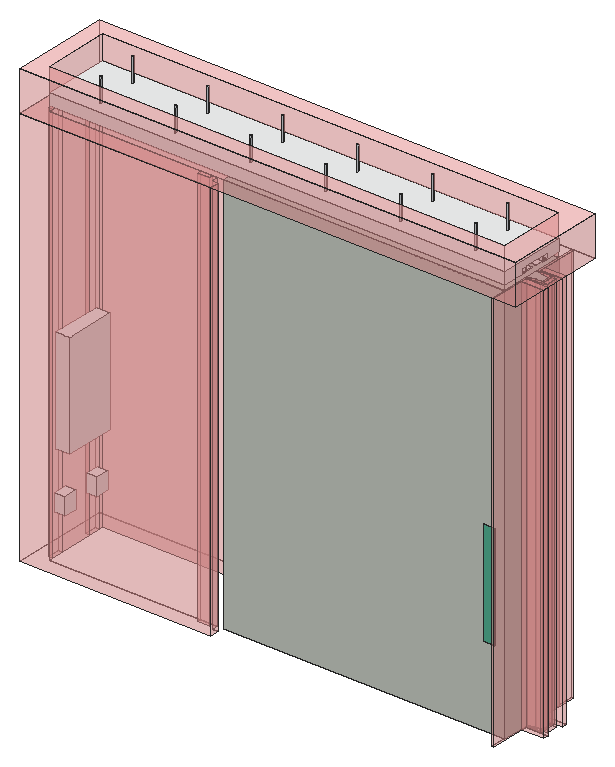
Revit family "Doors-Sliding_WON-DOOR_Fireguard-MFW-Straight_", category Doors, host Wall, Revit 2020
Family settings
  Host = Wall
  OmniClass Number = 23.17.11.31
  Always vertical = Yes
  Cut with Voids When Loaded = No
  Shared = No
  Room Calculation Point = No
Parameters (values of type "60 Minute")
  Width [instance] = if(Clear Opening Width > Max Width, Max Width, if(Clear Opening Width < Min Width, Min Width, Clear Opening Width))  # 7' - 0"
  Wall Construction Clearance ( by other ) [instance] = yes
  Voltage [instance] = 120 V
  Version = 1
  Value Step for Rod [instance] = if(not([Threaded Rods ( by Won - Door )]), Max Step for Threaded Rods, if(Step for Threaded Rods < Min Step for Threaded Rods, Min Step for Threaded Rods, if(Step for Threaded Rods > Max Step for Threaded Rods, Max Step for Threaded Rods, Step for Threaded Rods)))  # 2' - 0"
  URL = "https://www.wondoor.com/"
  Threaded Rods Height [instance] = Real Head Height - 0' 4 255/256"  # 0' - 7 1/256"
  Threaded Rods ( by Won - Door ) [instance] = yes
  Thickness = 1' - 8"  # constant formula
  Step for Threaded Rods [instance] = 2' - 0"
  Stack Depth [instance] = size_lookup(Lookup Table, "Stack Depth", 3' 5", Width Count)  # 4' - 4"
  Rough Width [instance] = Width + Stack Depth + Offset for Stack Depth  # 11' - 8 7/8"
  Rough Height [instance] = Height + Real Head Height  # 11' - 0"
  Real Step for Threaded Rods [instance] = (General Length for Rod - 2' 0") / (Count Rod - 1)  # 1' - 10.4"
  Real Head Height [instance] = if(Head Height < Min Head Height, Min Head Height, Head Height)  # 1' - 0"
  Product data url = "https://www.bimobject.com/hortonautomatics/product/WON-DOOR-fireguard-mfw-moveable-fire-wall"
  Product Page URL = "https://www.wondoor.com/movable-fire-wall/"
  Power Factor [instance] = 1
  Pocket Thickness = 2' - 5 3/4"
  Open [instance] = no
  Offset for Stack Depth = if(Pocket Thickness = 2' 5 3/4", 0' 4 7/8", 0' 6 1/8")  # 0' - 4 7/8"
  Offset for Backing Width = if(or(Pocket Thickness = 2' 6 1/4", Pocket Thickness = 2' 8 3/4"), 0' 3 1/4", 0' 3 1/8")  # 0' - 3 1/8"
  Offset for Backing Depth = if(Pocket Thickness = 2' 6 1/4", 0' 7 3/8", if(Pocket Thickness = 2' 8 3/4", 0' 8 5/8", 0' 6 1/8"))  # 0' - 6 1/8"
  Number of Poles [instance] = 1
  Model = "Fireguard MFW Straight "  # constant formula
  Min Width [instance] = 3' - 0"  # constant formula
  Min Step for Threaded Rods [instance] = 0' - 1"  # constant formula
  Min Height [instance] = 7' - 0"  # constant formula
  Min Head Height [instance] = 1' - 0"  # constant formula
  Max Width [instance] = 40' - 0"  # constant formula
  Max Step for Threaded Rods [instance] = 6' - 5"  # constant formula
  Max Height [instance] = 15' - 0"  # constant formula
  Max Head Height [instance] = 5' - 0"  # constant formula
  Manufacturer = "Won-Door Corporation"  # constant formula
  Wall Closure = By host
  Lookup Table = "Doors-Sliding_WON-DOOR_Fireguard-MFW-Straight"  # constant formula
  Height [instance] = if(Clear Opening Height > Max Height, Max Height, if(Clear Opening Height < Min Height, Min Height, Clear Opening Height))  # 10' - 0"
  Head Height [instance] = 1' - 0"
  General Length for Rod [instance] = Width + Stack Depth  # 11' - 4"
  Fire Rating = "60 Minute Fire Rating"
  Door Finish = Won-Door-Metal-Platinum
  Description = "The Won-Door FireGuard MFW (Movable fire wall) product is U.L. Certified as meeting the criteria required by ANSI/UL263 (ASTM E119). When the building code restricts the size of openings in a Fire Barrier, the FireGuard MFW provides a viable solution. The FireGuard MFW is available in the following U.L. ratings: MFWI (1-hour) or MFWII (2-hour)."  # constant formula
  Depth for Height = 15' 0" [instance] = if(or(Width < 16' 8", Width = 16' 8"), 3' 4", [Depth for Height = 12' 0"])  # 3' - 4"
  Depth for Height = 12' 0" [instance] = if(or(Width < 10' 0", Width = 10' 0"), 2' 4", if(or(Width < 13' 4", Width = 13' 4"), 2' 11", if(or(Width < 16' 8", Width = 16' 8"), 3' 2", if(or(Width < 20' 0", Width = 20' 0"), 3' 5", if(or(Width < 23' 4", Width = 23' 4"), 3' 8", if(or(Width < 26' 8", Width = 26' 8"), 3' 11", if(or(Width < 30' 0", Width = 30' 0"), 4' 2", if(or(Width < 33' 4", Width = 33' 4"), 4' 5", if(or(Width < 36' 8", Width = 36' 8"), 4' 8", 4' 11")))))))))  # 2' - 4"
  Date Updated = ""
  Date Created = "2024/03/29"
  Current [instance] = 10 A  # constant formula
  Count Rod [instance] = 1 + roundup((General Length for Rod - 2' 0") / Value Step for Rod)  # 6
  Connector Description [instance] = "100-240 VAC, 60/50 Hz, 10 AMP"  # constant formula
  Closed [instance] = not(Open)  # yes
  Width Count [instance] = Width / 0' 1"  # 84
  Clear Opening Width [instance] = 7' - 0"
  Clear Opening Height [instance] = 10' - 0"
  Backing Profile Clearance ( by other ) [instance] = yes
  Apparent Load [instance] = Voltage * Current  # 1200 VA
Reference planes (in)
  plane 1 "Center (Front/Back)": y = 0
  plane 2 "Center (Left/Right)": x = 0
  plane 3 "Left": x = -42
  plane 4 "Right": x = 42
  plane 5 "Top": z = 120
  plane 6 "Exterior": y = 9
  plane 7 "Interior": y = -9
  plane 8: x = -94
  plane 9: x = 39
  plane 10: x = 35.75
  plane 11: z = 24
  plane 12: z = 55.25
  plane 13: y = 14.875
  plane 14: y = -14.875
  plane 15: x = -98.875
  plane 16: z = 132
  plane 17: x = 39
  plane 18: z = 129.75
  plane 19: y = 10
  plane 20: y = -10
  plane 21: x = 40.82732
  plane 22: x = -89.25
  plane 23: z = 60
  plane 24: z = 12
  plane 25: z = 44.375
  plane 26: x = -45.125
  plane 27: y = 11.25
  plane 28: y = -11.25
  plane 29: x = -48.75
  plane 30: y = 8.75
  plane 31: y = 5.125
  plane 32: y = -8.75
  plane 33: y = -5.125
  plane 34: x = 42.625
  plane 35: x = 49.125
  plane 36: x = -43.5
  plane 37: y = 11.875
  plane 38: y = -11.875
  plane 39: x = 49.125
  plane 40: x = -44.945
  plane 41: x = -49.06806
  plane 42: x = 46.12306
  plane 43: x = 44.25523
  plane 44: y = 1.92662
  plane 45: y = 1.15009
  plane 46: y = -1.15009
  plane 47: y = -1.92662
  plane 48: y = 2.0625
  plane 49: y = -2.0625
  plane 50: y = -1.21649
  plane 51: y = 1.21649
  plane 52: x = 46.12306
  plane 53: x = 46.25
  plane 54: x = 46.875
  plane 55: x = -44.945
  plane 56: x = -49.06806
  plane 57: y = 2.15009
  plane 58: y = -2.15009
  plane 59: x = -82
  plane 60: x = 30
Forms (in)
  Extrusion 1, solid, material "Won-Door-Metal-Platinum" <- "Door Finish", visible <- "Closed", detail levels medium+fine
    sketch origin (0, 0, 0) x (1, 0, 0) y (0, 1, 0)
      loop
        line (42, 10) -> (-42, 10) -> (-42, -10) -> (42, -10) -> (42, -1.92662) -> (44.25523, -1.15009) -> (46.12306, -1.15009) -> (46.12306, 1.15009) -> (44.25523, 1.15009) -> (42, 1.92662) -> (42, 10)
    from 0 to 120
  Extrusion 2, solid, material "Won-Door-Plastic-Green", visible <- "Closed", detail levels medium+fine
    sketch origin (-1.63592, 0, 0) x (1, 0, 0) y (0, 1, 0)
      loop
        line (37.38592, -10) -> (40.63592, -10) -> (40.63592, -9.5) -> (37.38592, -9.5) -> (37.38592, -10)
      loop
        line (37.38592, 10) -> (40.63592, 10) -> (40.63592, 10.5) -> (37.38592, 10.5) -> (37.38592, 10)
    from 24 to 55.25
  Extrusion 3, solid, material "Won-Door-Metal-Platinum" <- "Door Finish", visible <- "Open", detail levels coarse
    sketch origin (0, 0, 0) x (1, 0, 0) y (0, 1, 0)
      loop
        line (-89.25, 10) -> (-89.25, -10) -> (-49.06806, -10) -> (-49.06806, -0.8505) -> (-44.945, -0.8505) -> (-44.945, 0.8505) -> (-49.06806, 0.8505) -> (-49.06806, 10) -> (-89.25, 10)
    from 0 to 120
  Extrusion 4, solid, visible <- "Wall Construction Clearance ( by other )"
    sketch origin (0, 0, 0) x (1, 0, 0) y (0, 1, 0)
      loop
        line (-98.875, 14.875) -> (-98.875, -14.875) -> (-42, -14.875) -> (-42, -12) -> (-43.625, -12) -> (-43.625, -10) -> (-94, -10) -> (-94, 10) -> (-43.625, 10) -> (-43.625, 12) -> (-42, 12) -> (-42, 14.875) -> (-98.875, 14.875)
    from 0 to 120
  Extrusion 5, solid, material "Won-Door-Metal-Gray", detail levels fine
    sketch origin (0, -9.5888, 121.00267) x (0, -1, 0) y (0, 0, -1)
      loop
        line (0.4112, -0.49933) -> (-6.1268, -0.49933) -> (-6.1268, -0.58283) -> (-5.7018, -0.58283) -> (-5.7018, -1.99033) -> (-7.3018, -1.99033) -> (-7.3018, -0.58283) -> (-6.8768, -0.58283) -> (-6.8768, -0.49633) -> (-7.4008, -0.49633) -> (-7.4008, -0.65833) -> (-9.7058, -0.65833) -> (-9.7058, -0.76733) -> (-7.5098, -0.76733) -> (-7.5098, -2.13833) -> (-13.6678, -2.13833) -> (-13.6678, -0.76733) -> (-11.4718, -0.76733) -> (-11.4718, -0.65833) -> (-13.7768, -0.65833) -> (-13.7768, -0.49633) -> (-14.3008, -0.49633) -> (-14.3008, -0.58283) -> (-13.8758, -0.58283) -> (-13.8758, -1.99033) -> (-15.4758, -1.99033) -> (-15.4758, -0.58283) -> (-15.0508, -0.58283) -> (-15.0508, -0.49933) -> (-19.5888, -0.49933) -> (-19.5888, -3.99233) -> (0.4112, -3.99233) -> (0.4112, -0.49933)
    from -94 to 42
  Extrusion 6, solid, material "Won-Door-Metal-Gray", detail levels medium
    sketch origin (0, -9.5888, 121.00267) x (0, -1, 0) y (0, 0, -1)
      loop
        line (-19.5888, -3.99233) -> (0.4112, -3.99233) -> (0.4112, -0.49933) -> (-5.5098, -0.49933) -> (-5.5098, -2.13833) -> (-13.6678, -2.13833) -> (-13.6678, -0.49933) -> (-19.5888, -0.49933) -> (-19.5888, -3.99233)
    from -94 to 42
  Extrusion 7, solid, material "Won-Door-Metal-Gray", detail levels coarse
    sketch origin (0, -9.5888, 121.00267) x (0, -1, 0) y (0, 0, -1)
      loop
        line (-19.5888, -3.99233) -> (0.4112, -3.99233) -> (0.4112, -0.49933) -> (-19.5888, -0.49933) -> (-19.5888, -3.99233)
    from -94 to 42
  Extrusion 8, solid, material "Clearance", visible <- "Wall Construction Clearance ( by other )"
    sketch origin (0, 0, 0) x (1, 0, 0) y (0, 1, 0)
      loop
        line (-98.875, 14.875) -> (-98.875, -14.875) -> (49.125, -14.875) -> (49.125, 14.875) -> (-98.875, 14.875)
      loop
        line (-94, 10) -> (-94, -10) -> (42, -10) -> (42, 10) -> (-94, 10)
    from 120 to 132
  Extrusion 9, void
    sketch origin (0, 0, 0) x (1, 0, 0) y (0, 1, 0)
      loop
        line (42, -9) -> (42, 9) -> (-42, 9) -> (-42, -9) -> (42, -9)
    from 0 to 120
  Extrusion 10, solid, material "Won-Door-Metal-Gray"
    sketch origin (0, 0, 0) x (1, 0, 0) y (0, 1, 0)
      loop
        line (-94, 7.5) -> (-94, -7.5) -> (-90, -7.5) -> (-90, 7.5) -> (-94, 7.5)
    from 28.75 to 60
  Extrusion 11, void
    sketch origin (0, 0, 0) x (1, 0, 0) y (0, 1, 0)
      loop
        line (-94, 10) -> (-94, -10) -> (-42, -10) -> (-42, 10) -> (-94, 10)
    from 0 to 120
  Extrusion 12, solid, visible <- "Backing Profile Clearance ( by other )"
    sketch origin (0, 0, 0) x (1, 0, 0) y (0, 1, 0)
      loop
        line (-45.125, 10) -> (-45.125, 11.25) -> (-48.75, 11.25) -> (-48.75, 10) -> (-45.125, 10)
      loop
        line (-45.125, -10) -> (-48.75, -10) -> (-48.75, -11.25) -> (-45.125, -11.25) -> (-45.125, -10)
    from 0 to 120
  Extrusion 13, solid, visible <- "Backing Profile Clearance ( by other )"
    sketch origin (0, 0, 0) x (1, 0, 0) y (0, 1, 0)
      loop
        line (-95.25, 8.75) -> (-95.25, 5.125) -> (-94, 5.125) -> (-94, 8.75) -> (-95.25, 8.75)
      loop
        line (-95.25, -8.75) -> (-94, -8.75) -> (-94, -5.125) -> (-95.25, -5.125) -> (-95.25, -8.75)
    from 0 to 120
  Extrusion 14, solid, material "Clearance", visible <- "Wall Construction Clearance ( by other )"
    sketch origin (0, 0, 0) x (1, 0, 0) y (0, 1, 0)
      loop
        line (42, -14.875) -> (42.625, -14.875) -> (42.625, -2.6875) -> (46.875, -2.6875) -> (46.875, 2.6875) -> (42.625, 2.6875) -> (42.625, 14.875) -> (42, 14.875) -> (42, 2.0625) -> (46.25, 2.0625) -> (46.25, -2.0625) -> (42, -2.0625) -> (42, -14.875)
    from 0 to 120
  Extrusion 15, solid, material "Clearance", visible <- "Backing Profile Clearance ( by other )"
    sketch origin (0, 0, 0) x (1, 0, 0) y (0, 1, 0)
      loop
        line (42.625, 2.6875) -> (49.125, 2.6875) -> (49.125, 4.3125) -> (42.625, 4.3125) -> (42.625, 2.6875)
      loop
        line (42.625, -2.6875) -> (42.625, -4.3125) -> (49.125, -4.3125) -> (49.125, -2.6875) -> (42.625, -2.6875)
    from 0 to 120
  Extrusion 16, void
    sketch origin (0, 0, 0) x (1, 0, 0) y (0, 1, 0)
      loop
        line (-94, 10) -> (-94, -10) -> (42, -10) -> (42, 10) -> (-94, 10)
    from 120 to 132
  Extrusion 17, solid, material "Won-Door-Metal-Gray", visible <- "Open"
    sketch origin (0, 0, 0) x (1, 0, 0) y (0, 1, 0)
      loop
        line (-43.5, 11.875) -> (-43.5, -11.875) -> (-42, -11.875) -> (-42, 11.875) -> (-43.5, 11.875)
    from 0 to 120
  Extrusion 18, solid, material "Clearance", visible <- "Backing Profile Clearance ( by other )"
    sketch origin (42, 19.47829, 0) x (0, -1, 0) y (1, 0, 0)
      loop
        line (17.66579, 4.875) -> (21.29079, 4.875) -> (21.29079, 6.125) -> (17.66579, 6.125) -> (17.66579, 4.875)
    from 0 to 120
  Extrusion 19, void
    sketch origin (42, 19.47829, 0) x (0, -1, 0) y (1, 0, 0)
      loop
        line (16.41579, 0) -> (22.54079, 0) -> (22.54079, 4.25) -> (16.41579, 4.25) -> (16.41579, 0)
    from 0 to 120
  Extrusion 20, solid, material "Won-Door-Metal-Gray", visible <- "Open"
    sketch origin (42, 19.47829, 0) x (0, -1, 0) y (1, 0, 0)
      loop
        line (10.47829, -86.5) -> (28.47829, -86.5) -> (28.47829, -85.5) -> (10.47829, -85.5) -> (10.47829, -86.5)
    from 0 to 120
  Extrusion 21, solid, material "Won-Door-Metal-Gray", visible <- "Closed"
    sketch origin (-42, 9, 0) x (0, -1, 0) y (1, 0, 0)
      loop
        line (-2.875, 0) -> (-1.40988, 0.32161) -> (-1.8923, 2.51929) -> (-1.32544, 2.64372) -> (-4.75596, 18.27163) -> (-5.32282, 18.1472) -> (-5.80523, 20.34487) -> (-7.27035, 20.02326) -> (-2.875, 0)
    from 0 to 120
  Extrusion 22, solid, material "Clearance", detail levels medium+fine
    sketch origin (42, 19.47829, 0) x (0, -1, 0) y (1, 0, 0)
      loop
        line (17.41579, 0.39183) -> (17.41579, 0) -> (17.55166, 0) -> (18.3282, 2.25523) -> (18.3282, 4.12306) -> (20.62837, 4.12306) -> (20.62837, 2.25523) -> (21.40491, 0) -> (21.54079, 0) -> (21.54079, 0.39183) -> (21.48355, 0.39183) -> (21.48355, 0.09504) -> (21.43427, 0.09504) -> (20.69303, 2.24778) -> (20.69303, 4.18947) -> (18.26355, 4.18947) -> (18.26355, 2.24778) -> (17.5223, 0.09504) -> (17.47303, 0.09504) -> (17.47303, 0.39183) -> (17.41579, 0.39183)
    from 0 to 120
  Extrusion 23, solid, material "Clearance", detail levels coarse
    sketch origin (42, 19.47829, 0) x (0, -1, 0) y (1, 0, 0)
      loop
        line (18.3282, 0) -> (18.3282, 4.12306) -> (20.62837, 4.12306) -> (20.62837, 0) -> (21.54079, 0) -> (21.54079, 0.06641) -> (20.69478, 0.06641) -> (20.69478, 4.18947) -> (18.2618, 4.18947) -> (18.2618, 0.06641) -> (17.41579, 0.06641) -> (17.41579, 0) -> (18.3282, 0)
    from 0 to 120
  Extrusion 24, solid, material "Won-Door-Metal-Platinum" <- "Door Finish", visible <- "Closed", detail levels coarse
    sketch origin (42, 19.47829, 0) x (0, -1, 0) y (1, 0, 0)
      loop
        line (9.47829, 0) -> (9.47829, -84) -> (29.47829, -84) -> (29.47829, 0) -> (20.62837, 0) -> (20.62837, 4.12306) -> (18.3282, 4.12306) -> (18.3282, 0) -> (9.47829, 0)
    from 0 to 120
  Extrusion 25, solid, material "Won-Door-Metal-Platinum" <- "Door Finish", visible <- "Open", detail levels medium+fine
    sketch origin (42, 19.47829, 0) x (0, -1, 0) y (1, 0, 0)
      loop
        line (9.47829, -131.25) -> (29.47829, -131.25) -> (29.47829, -91.06806) -> (21.10553, -91.06806) -> (20.32879, -88.81224) -> (20.32879, -86.945) -> (18.62779, -86.945) -> (18.62779, -88.81224) -> (17.85105, -91.06806) -> (9.47829, -91.06806) -> (9.47829, -131.25)
    from 0 to 120
Cuts and joins
  joined: Extrusion 17, Extrusion 20
Lines and regions (in)
  Masking region 1, visible <- "Closed"
    outline origin (0, 0, 0) x (1, 0, 0) y (0, 1, 0)
      loop
        line (-42, 10) -> (-42, -10) -> (42, -10) -> (42, 10) -> (-42, 10)
  reference lines
    curve 1: line (42, 19.47829, 0) -> (42, 0, 0)
    curve 2: line (0, -9.5888, 121.00267) -> (0, -12.70099, 121.00267)
    curve 3: line (-89.25, 9, 0) -> (-89.25, 0, 0)
    curve 4: line (-42, 9, 0) -> (-42, 0, 0)
    curve 6: line (0, -17, 124.995) -> (0, 21, 124.995)
  symbolic lines, detail levels fine
    curve 5: line (-90.12829, -8.96892, 0) -> (-90.125, -9, 0)
Text (in)
  text "Exterior" at (-74.96733, 27.31104, 0), in view "Ref. Level"
  text "Interior" at (-74.96733, -25.14366, 0), in view "Ref. Level"
  text "Exterior" at (0, 40.15149, 123.01588), in view "Right"
  text "Interior" at (0, -64.39139, 123.01588), in view "Right"
  text "Interior" at (0, -31.01599, 123.00693), in view "Left"
  text "Exterior" at (0, 54.57065, 123.00693), in view "Left"
Dimensions and locks (in)
  "Height": level to plane 5 "Top"
  equal spacing: plane 3 "Left", plane 2 "Center (Left/Right)", plane 4 "Right"
  "Width": plane 3 "Left" to plane 4 "Right"
  "Stack Depth": plane 8 to plane 3 "Left"
  locked: plane 9 to plane 4 "Right" at 3
  locked: plane 10 to plane 9 at 3.25
  locked: level to plane 11 at 24
  locked: plane 11 to plane 12 at 31.25
  locked: Extrusion 2 sketch curve to plane 7 "Interior" at 0.5
  equal spacing: plane 13, plane 1 "Center (Front/Back)", plane 14
  "Pocket Thickness": plane 13 to plane 14
  "Offset for Stack Depth": plane 15 to plane 8
  "Real Head Height": plane 5 "Top" to plane 16
  locked: plane 17 to plane 4 "Right" at 3
  locked: plane 16 to plane 18 at 2.25
  locked: plane 21 to plane 4 "Right" at 1.17268
  locked: plane 8 to plane 22 at 4.75
  locked: plane 8 to Extrusion 10 sketch curve at 4
  locked: plane 19 to Extrusion 10 sketch curve at 2.5
  locked: Extrusion 10 sketch curve to plane 20 at 2.5
  locked: plane 23 to level at 60
  locked: plane 23 to Extrusion 10 at 31.25
  locked: curve 4 to curve 4 at 9
  locked: curve 3 to curve 3 at 9
  locked: curve 1 to curve 1 at 19.47829
  locked: Extrusion 2 sketch curve to plane 19 at 0.5
  locked: curve 2 to plane 1 "Center (Front/Back)" at 9.5888
  locked: curve 2 to plane 1 "Center (Front/Back)" at 12.70099
  "Offset for Backing Width": plane 26 to plane 3 "Left"
  locked: plane 27 to plane 19 at 1.25
  locked: plane 20 to plane 28 at 1.25
  locked: plane 29 to plane 26 at 3.625
  "Offset for Backing Depth": plane 13 to plane 30
  locked: plane 30 to plane 31 at 3.625
  locked: Extrusion 13 sketch curve to plane 8 at 1.25  (x2)
  locked: plane 32 to plane 33 at 3.625
  "Offset for Backing Depth": plane 32 to plane 14
  locked: plane 4 "Right" to Extrusion 14 sketch curve at 0.625
  equal spacing: plane 19, plane 1 "Center (Front/Back)", plane 20
  plane 19 to plane 20 = 1' - 8"
  locked: plane 34 to plane 35 at 6.5
  locked: plane 4 "Right" to plane 34 at 0.625
  locked: Extrusion 4 sketch curve to plane 19 at 2
  locked: Extrusion 4 sketch curve to plane 3 "Left" at 1.625  (x2)
  locked: plane 20 to Extrusion 4 sketch curve at 2
  locked: plane 20 to plane 38 at 1.875
  locked: plane 37 to plane 19 at 1.875
  locked: plane 36 to plane 3 "Left" at 1.5
  locked: plane 4 "Right" to plane 39 at 7.125
  locked: plane 19 to Extrusion 19 sketch curve at 6.9375
  locked: Extrusion 19 sketch curve to plane 20 at 6.9375
  locked: Extrusion 20 sketch curve to plane 20 at 1
  locked: plane 19 to Extrusion 20 sketch curve at 1
  locked: Extrusion 20 sketch curve to plane 3 "Left" at 2.5
  locked: Extrusion 20 sketch curve to plane 3 "Left" at 1.5
  locked: Extrusion 21 sketch curve to plane 19 at 0.40988
  locked: Extrusion 21 sketch curve to plane 19 at 1.875
  locked: Extrusion 21 sketch curve to plane 19 at 4.80523
  locked: Extrusion 21 sketch curve to plane 19 at 6.27035
  locked: Extrusion 21 sketch curve to plane 19 at 0.8923
  locked: Extrusion 21 sketch curve to plane 19 at 0.32544
  locked: Extrusion 21 sketch curve to plane 19 at 3.75596
  locked: Extrusion 21 sketch curve to plane 19 at 4.32282
  locked: plane 40 to plane 3 "Left" at 2.945
  locked: plane 41 to plane 40 at 4.12306
  plane 19 to Extrusion 3 sketch curve = 0' - 9.1495"
  locked: Extrusion 3 sketch curve to plane 20 at 9.1495
  Extrusion 22 sketch curve to Extrusion 22 sketch curve to Extrusion 22 sketch curve to Extrusion 22 sketch curve to Extrusion 22 sketch curve to Extrusion 22 sketch curve to Extrusion 22 sketch curve to Extrusion 22 sketch curve = 0' - 0" locked, 0' - 0.06466" locked, 0' - 0" locked, 0' - 0.71188" locked, 0' - 0.02936" locked, 0' - 0.04927" locked, 0' - 0.05724" locked
  locked: plane 1 "Center (Front/Back)" to Extrusion 22 sketch curve at 1.15009
  Extrusion 22 sketch curve to Extrusion 22 sketch curve to Extrusion 22 sketch curve to Extrusion 22 sketch curve to Extrusion 22 sketch curve to Extrusion 22 sketch curve to Extrusion 22 sketch curve to Extrusion 22 sketch curve to Extrusion 22 sketch curve to Extrusion 22 sketch curve to plane 1 "Center (Front/Back)" = 0' - 0" locked, 0' - 0.05724" locked, 0' - 0" locked, 0' - 0.04927" locked, 0' - 0.02936" locked, 0' - 0.71188" locked, 0' - 0" locked, 0' - 0.06466" locked, 0' - 0" locked, 0' - 1.15009" locked
  locked: plane 4 "Right" to plane 43 at 2.25523
  locked: plane 4 "Right" to plane 42 at 4.12306
  locked: plane 48 to plane 51 at 0.84601
  locked: plane 51 to Extrusion 23 sketch curve at 0.06641
  locked: plane 50 to plane 49 at 0.84601
  locked: Extrusion 23 sketch curve to plane 50 at 0.06641
  locked: plane 4 "Right" to plane 52 at 4.12306
  locked: plane 4 "Right" to plane 53 at 4.25
  locked: plane 4 "Right" to plane 54 at 4.875
  locked: plane 55 to plane 3 "Left" at 2.945
  locked: plane 56 to plane 55 at 4.12306
  locked: plane 19 to plane 57 at 7.84991
  locked: plane 58 to plane 20 at 7.84991
  locked: plane 57 to Extrusion 25 sketch curve at 0.52285
  locked: Extrusion 25 sketch curve to plane 58 at 0.52285
  locked: Extrusion 25 sketch curve to plane 55 at 1.86724  (x2)
  locked: plane 1 "Center (Front/Back)" to Extrusion 14 sketch curve at 2.0625
  locked: Extrusion 14 sketch curve to plane 1 "Center (Front/Back)" at 2.0625
  locked: plane 1 "Center (Front/Back)" to Extrusion 14 sketch curve at 2.6875
  locked: Extrusion 14 sketch curve to plane 1 "Center (Front/Back)" at 2.6875
  locked: plane 51 to plane 1 "Center (Front/Back)" at 1.21649
  locked: plane 1 "Center (Front/Back)" to plane 50 at 1.21649
  locked: plane 1 "Center (Front/Back)" to Extrusion 24 sketch curve at 1.15009
  locked: Extrusion 24 sketch curve to plane 1 "Center (Front/Back)" at 1.15009
  locked: plane 1 "Center (Front/Back)" to Extrusion 15 sketch curve at 4.3125
  locked: plane 1 "Center (Front/Back)" to Extrusion 15 sketch curve at 2.6875
  locked: Extrusion 15 sketch curve to plane 1 "Center (Front/Back)" at 2.6875
  locked: Extrusion 15 sketch curve to plane 1 "Center (Front/Back)" at 4.3125
  locked: plane 1 "Center (Front/Back)" to Extrusion 18 sketch curve at 1.8125
  locked: Extrusion 18 sketch curve to plane 1 "Center (Front/Back)" at 1.8125
  plane 19 to plane 44 to plane 45 = 0' - 8.07338" locked, 0' - 0.77654" locked
  plane 46 to plane 47 to plane 20 = 0' - 0.77654" locked, 0' - 8.07338" locked
  locked: plane 8 to plane 59 at 12
  locked: plane 60 to plane 4 "Right" at 12
  equal spacing: group 1, group 3, group 4, group 5, group 6, group 2  (x3)
  locked: plane 5 "Top" to curve 6 at 4.995
  aligned and locked: plane 6 "Exterior" to host wall
  aligned and locked: Extrusion 1 sketch curve to plane 4 "Right"
  aligned and locked: plane 9 to Extrusion 2 sketch curve
  aligned and locked: Extrusion 2 sketch curve to plane 10
  aligned and locked: Extrusion 2 to plane 11
  aligned and locked: plane 12 to Extrusion 2
  aligned and locked: Extrusion 4 sketch curve to plane 13
  aligned and locked: Extrusion 4 sketch curve to plane 15
  aligned and locked: Extrusion 4 sketch curve to plane 14
  aligned and locked: Extrusion 4 sketch curve to plane 8
  aligned and locked: Extrusion 4 sketch curve to plane 3 "Left"
  aligned and locked: plane 4 "Right" to curve 1
  aligned and locked: Extrusion 8 sketch curve to plane 13
  aligned and locked: Extrusion 8 sketch curve to plane 15
  aligned and locked: Extrusion 8 sketch curve to plane 14
  aligned and locked: Extrusion 8 sketch curve to plane 8
  aligned and locked: plane 5 "Top" to Extrusion 8
  aligned and locked: plane 16 to Extrusion 8
  aligned and locked: Extrusion 5 to plane 8
  aligned and locked: Extrusion 7 to plane 8
  aligned and locked: Extrusion 6 to plane 8
  aligned and locked: plane 19 to Extrusion 1
  aligned and locked: Extrusion 1 to plane 20
  aligned and locked: plane 20 to Extrusion 3 sketch curve
  aligned and locked: plane 19 to Extrusion 3 sketch curve
  aligned and locked: Extrusion 8 sketch curve to plane 19
  aligned and locked: Extrusion 8 sketch curve to plane 20
  aligned and locked: Extrusion 2 sketch curve to plane 20
  aligned and locked: plane 19 to Extrusion 4 sketch curve
  aligned and locked: plane 20 to Extrusion 4 sketch curve
  aligned and locked: Extrusion 9 sketch curve to plane 4 "Right"
  aligned and locked: Extrusion 4 to plane 5 "Top"
  aligned and locked: Extrusion 1 to plane 5 "Top"
  aligned and locked: plane 8 to Extrusion 10 sketch curve
  aligned and locked: plane 23 to Extrusion 10
  aligned and locked: curve 3 to plane 22
  aligned and locked: plane 3 "Left" to curve 4
  aligned and locked: plane 1 "Center (Front/Back)" to curve 4
  aligned and locked: curve 3 to plane 1 "Center (Front/Back)"
  aligned and locked: plane 1 "Center (Front/Back)" to curve 1
  aligned and locked: Extrusion 3 to plane 5 "Top"
  aligned and locked: Extrusion 11 sketch curve to plane 19
  aligned and locked: Extrusion 11 sketch curve to plane 20
  aligned and locked: Extrusion 11 sketch curve to plane 8
  aligned and locked: Extrusion 11 sketch curve to plane 3 "Left"
  aligned and locked: Extrusion 11 to plane 5 "Top"
  aligned and locked: plane 10 to Extrusion 2 sketch curve
  aligned and locked: Extrusion 2 sketch curve to plane 9
  aligned and locked: Extrusion 2 sketch curve to plane 19
  aligned and locked: Extrusion 7 sketch curve to plane 20
  aligned and locked: Extrusion 7 sketch curve to plane 19
  aligned and locked: Extrusion 5 sketch curve to plane 20
  aligned and locked: Extrusion 5 sketch curve to plane 19
  aligned and locked: Extrusion 6 sketch curve to plane 20
  aligned and locked: Extrusion 6 sketch curve to plane 19
  aligned and locked: plane 26 to Extrusion 12 sketch curve
  aligned and locked: Extrusion 12 sketch curve to plane 19
  aligned and locked: Extrusion 12 sketch curve to plane 26
  aligned and locked: Extrusion 12 sketch curve to plane 20
  aligned and locked: Extrusion 12 to plane 29  (x2)
  aligned and locked: Extrusion 13 sketch curve to plane 30
  aligned and locked: Extrusion 13 sketch curve to plane 31
  aligned and locked: Extrusion 13 sketch curve to plane 8
  aligned and locked: plane 8 to Extrusion 13 sketch curve
  aligned and locked: Extrusion 13 sketch curve to plane 33
  aligned and locked: Extrusion 13 sketch curve to plane 32
  aligned and locked: Extrusion 14 sketch curve to plane 4 "Right"
  aligned and locked: Extrusion 14 sketch curve to plane 13
  aligned and locked: Extrusion 14 sketch curve to plane 14
  aligned and locked: Extrusion 12 to plane 5 "Top"
  aligned and locked: Extrusion 13 to plane 5 "Top"
  aligned and locked: Extrusion 15 to plane 5 "Top"
  aligned and locked: Extrusion 14 to plane 5 "Top"
  aligned and locked: host wall to Extrusion 9 sketch curve  (x2)
  aligned and locked: Extrusion 9 to plane 5 "Top"
  aligned and locked: Extrusion 9 sketch curve to plane 3 "Left"
  aligned and locked: Extrusion 16 sketch curve to plane 19
  aligned and locked: Extrusion 16 sketch curve to plane 20
  aligned and locked: Extrusion 16 sketch curve to plane 8
  aligned and locked: plane 5 "Top" to Extrusion 16
  aligned and locked: Extrusion 15 sketch curve to plane 35
  aligned and locked: plane 34 to Extrusion 15 sketch curve
  aligned and locked: Extrusion 17 sketch curve to plane 36
  aligned and locked: Extrusion 17 sketch curve to plane 3 "Left"
  aligned and locked: Extrusion 17 sketch curve to plane 38
  aligned and locked: Extrusion 17 sketch curve to plane 37
  aligned and locked: Extrusion 17 to plane 5 "Top"
  aligned and locked: Extrusion 8 sketch curve to plane 39
  aligned and locked: Extrusion 8 sketch curve to plane 4 "Right"
  aligned and locked: Extrusion 5 to plane 4 "Right"
  aligned and locked: Extrusion 6 to plane 4 "Right"
  aligned and locked: Extrusion 7 to plane 4 "Right"
  aligned and locked: Extrusion 16 sketch curve to plane 4 "Right"
  aligned and locked: Extrusion 18 to plane 5 "Top"
  aligned and locked: Extrusion 19 to plane 5 "Top"
  aligned and locked: Extrusion 20 to plane 5 "Top"
  aligned and locked: Extrusion 21 to plane 5 "Top"
  aligned and locked: plane 40 to Extrusion 3 sketch curve
  aligned and locked: nested 1 to plane 8
  aligned and locked: nested 1 to plane 24
  aligned and locked: Extrusion 22 to plane 5 "Top"
  aligned and locked: plane 41 to Extrusion 3 sketch curve
  aligned and locked: Extrusion 3 sketch curve to plane 41
  aligned and locked: plane 43 to Extrusion 1 sketch curve  (x2)
  aligned and locked: Extrusion 1 sketch curve to plane 42
  aligned and locked: plane 44 to Extrusion 1 sketch curve
  aligned and locked: plane 47 to Extrusion 1 sketch curve
  aligned and locked: plane 46 to Extrusion 1 sketch curve
  aligned and locked: Extrusion 1 sketch curve to plane 45
  aligned and locked: plane 48 to Extrusion 23 sketch curve
  aligned and locked: plane 49 to Extrusion 23 sketch curve
  aligned and locked: Extrusion 23 sketch curve to plane 50
  aligned and locked: plane 51 to Extrusion 23 sketch curve
  aligned and locked: Extrusion 23 to plane 5 "Top"
  aligned and locked: Extrusion 24 sketch curve to plane 4 "Right"  (x2)
  aligned and locked: Extrusion 24 sketch curve to plane 52
  aligned and locked: plane 19 to Extrusion 24 sketch curve
  aligned and locked: plane 20 to Extrusion 24 sketch curve
  aligned and locked: plane 3 "Left" to Extrusion 24 sketch curve
  aligned and locked: Extrusion 24 to plane 5 "Top"
  aligned and locked: Extrusion 14 sketch curve to plane 53
  aligned and locked: plane 54 to Extrusion 14 sketch curve
  aligned and locked: plane 20 to Extrusion 25 sketch curve
  aligned and locked: plane 19 to Extrusion 25 sketch curve
  aligned and locked: plane 55 to Extrusion 25 sketch curve
  aligned and locked: plane 56 to Extrusion 25 sketch curve  (x3)
  aligned and locked: Extrusion 25 sketch curve to plane 56
  aligned and locked: Extrusion 25 to plane 5 "Top"
  aligned and locked: Extrusion 25 sketch curve to plane 22
  aligned and locked: nested 2 to plane 1 "Center (Front/Back)"
  aligned and locked: nested 3 to plane 1 "Center (Front/Back)"
  aligned and locked: Masking region 1 sketch curve to plane 19
  aligned and locked: Masking region 1 sketch curve to plane 20
  aligned and locked: Masking region 1 sketch curve to plane 3 "Left"
  aligned and locked: Masking region 1 sketch curve to plane 4 "Right"
  aligned and locked: plane 16 to Extrusion 16
  aligned and locked: nested 2 to plane 15
  aligned and locked: nested 4 to plane 1 "Center (Front/Back)"
  aligned and locked: plane 59 to nested 4
  aligned and locked: plane 1 "Center (Front/Back)" to nested 5
  aligned and locked: plane 60 to nested 5
  aligned and locked: curve 6 to nested 4
  aligned and locked: curve 6 to nested 5
Automatic sketch dimensions
  curve 3 to curve 5 = 0' - 0.87829"
  curve 3 to curve 5 = 0' - 0 7/8"
  curve 5 to curve 5 = 0' - 0.03108"
  curve 2 to plane 5 "Top" = 0' - 1.00267"
  Extrusion 5 sketch curve to Extrusion 5 sketch curve = 0' - 4.113"
  Extrusion 5 sketch curve to Extrusion 5 sketch curve = 0' - 0.425"  (x4)
  Extrusion 5 sketch curve to Extrusion 5 sketch curve = 0' - 0 3/4"  (x2)
  Extrusion 5 sketch curve to Extrusion 5 sketch curve = 0' - 0.099"
  Extrusion 5 sketch curve to Extrusion 5 sketch curve = 0' - 0.208"  (x2)
  curve 2 to Extrusion 5 sketch curve = 0' - 0.76733"
  Extrusion 5 sketch curve to Extrusion 5 sketch curve = 0' - 2.196"  (x2)
  curve 2 to Extrusion 5 sketch curve = 0' - 0.65833"
  Extrusion 5 sketch curve to Extrusion 5 sketch curve = 0' - 0.109"  (x3)
  Extrusion 5 sketch curve to Extrusion 5 sketch curve = 0' - 0.148"  (x2)
  curve 2 to Extrusion 5 sketch curve = 0' - 3.99233"
  Extrusion 5 sketch curve to Extrusion 5 sketch curve = 0' - 0.0755"  (x2)
  curve 2 to Extrusion 5 sketch curve = 0' - 0.58283"  (x2)
  Extrusion 5 sketch curve to Extrusion 5 sketch curve = 0' - 0.0835"  (x2)
  Extrusion 5 sketch curve to Extrusion 5 sketch curve = 0' - 0.0865"  (x2)
  curve 2 to Extrusion 6 sketch curve = 0' - 0.49933"  (x2)
  Extrusion 6 sketch curve to Extrusion 6 sketch curve = 0' - 5.921"  (x2)
  Extrusion 6 sketch curve to Extrusion 6 sketch curve = 0' - 1.639"
  Extrusion 6 sketch curve to Extrusion 6 sketch curve = 0' - 3.493"
  Extrusion 7 sketch curve to curve 2 = 0' - 3.99233"
  curve 2 to Extrusion 7 sketch curve = 0' - 0.49933"
  Extrusion 12 sketch curve to plane 29 = 0' - 0"  (x2)
  Extrusion 12 sketch curve to plane 27 = 0' - 0"
  plane 28 to Extrusion 12 sketch curve = 0' - 0"
  Extrusion 15 sketch curve to plane 34 = 0' - 0"
  Extrusion 15 sketch curve to plane 35 = 0' - 0"
  Extrusion 4 sketch curve to plane 3 "Left" = 0' - 0"
  curve 1 to Extrusion 18 sketch curve = 0' - 4 7/8"
  Extrusion 18 sketch curve to Extrusion 18 sketch curve = 0' - 1 1/4"
  curve 1 to Extrusion 19 sketch curve = 0' - 4 1/4"
  Extrusion 19 sketch curve to curve 1 = 0' - 0"
  Extrusion 21 sketch curve to curve 4 = 0' - 0"
  Extrusion 21 sketch curve to curve 4 = 0' - 0.32161"
  Extrusion 5 sketch curve to Extrusion 5 sketch curve = 0' - 1.371"
  Extrusion 5 sketch curve to Extrusion 5 sketch curve = 0' - 1.766"
  Extrusion 22 sketch curve to curve 1 = 0' - 0"  (x2)
  Extrusion 22 sketch curve to curve 1 = 0' - 0.39183"
  Extrusion 22 sketch curve to curve 1 = 0' - 0.09504"  (x2)
  Extrusion 22 sketch curve to Extrusion 22 sketch curve = 0' - 0.29679"
  curve 1 to Extrusion 22 sketch curve = 0' - 2.24778"  (x2)
  Extrusion 22 sketch curve to Extrusion 22 sketch curve = 0' - 0.00745"  (x2)
  curve 1 to Extrusion 22 sketch curve = 0' - 4.12306"
  Extrusion 22 sketch curve to Extrusion 22 sketch curve = 0' - 0 17/256"
  Extrusion 23 sketch curve to curve 1 = 0' - 0"  (x2)
  Extrusion 23 sketch curve to curve 1 = 0' - 0 17/256"  (x2)
  curve 1 to Extrusion 23 sketch curve = 0' - 4.12306"
  Extrusion 23 sketch curve to Extrusion 23 sketch curve = 0' - 0 17/256"
  Extrusion 14 sketch curve to plane 4 "Right" = 0' - 0"  (x2)
  Extrusion 14 sketch curve to Extrusion 14 sketch curve = 0' - 0 5/8"
  Extrusion 1 sketch curve to plane 3 "Left" = 0' - 0"
  Extrusion 1 sketch curve to plane 4 "Right" = 0' - 0"
  Extrusion 1 sketch curve to plane 20 = 0' - 0"
  Extrusion 1 sketch curve to plane 19 = 0' - 0"
  Extrusion 25 sketch curve to curve 1 = 0' - 0.8505"
  curve 1 to Extrusion 25 sketch curve = 0' - 0.8505"
  Extrusion 3 sketch curve to plane 22 = 0' - 0"
  curve 3 to curve 5 = 0' - 8.96892"
  curve 6 to curve 2 = 2' - 6.5888"
  curve 2 to curve 6 = 0' - 4.29901"
Nested families (in)
  nested 1: "Electrical_Won-Door_Doors" at (-92.5, 0, 0), Connector Description <- "Connector Description", Voltage <- "Voltage", Power Factor <- "Power Factor", Number of Poles <- "Number of Poles", Current <- "Current", Apparent Load <- "Apparent Load", type "Electrical_Won-Door_Doors"
    with Voltage 120 V, Power Factor 1, Number of Poles 1, Current 10 A, Connector Description "100-240 VAC, 60/50 Hz, 10 AMP", Apparent Load 1200 VA
  nested 2: "First Detail Item" at (-42, 0, 0) x (0, -1, 0) z (0, 0, 1), type "Detail Item"
  nested 3: "Second Detail Item" at (42, 0, 0) x (0, 1, 0) z (0, 0, 1), type "Detail Item"
  nested 4: "Rod_element" at (-82, 0, 124.995), visible <- "Threaded Rods ( by Won - Door )", type "Rod_element"
  nested 5: "Rod_element" at (30, 0, 124.995), visible <- "Threaded Rods ( by Won - Door )", type "Rod_element"
  nested 6: "Rod_element" at (-59.6, 0, 124.995), visible <- "Threaded Rods ( by Won - Door )", type "Rod_element"
  nested 7: "Rod_element" at (-37.2, 0, 124.995), visible <- "Threaded Rods ( by Won - Door )", type "Rod_element"
  nested 8: "Rod_element" at (-14.8, 0, 124.995), visible <- "Threaded Rods ( by Won - Door )", type "Rod_element"
  nested 9: "Rod_element" at (7.6, 0, 124.995), visible <- "Threaded Rods ( by Won - Door )", type "Rod_element"
Definition of nested family "Electrical_Won-Door_Doors"
  Parameters (values of type "Electrical_Won-Door_Doors")
    Voltage [instance] = 0 V
    Power Factor [instance] = 0
    Number of Poles [instance] = 1
    Default Elevation = 4' - 0"
    Current [instance] = 10 A
    Connector Description [instance] = "100-240 VAC, 60/50 Hz, 10 AMP"
    Apparent Load [instance] = 0 VA
  Reference planes (in)
    plane 1 "Center (Front/Back)": y = 0
    plane 2: z = 0
    plane 3 "Center (Left/Right)": x = 0
    plane 4: z = 12
    plane 5: z = 17.25
  Forms (in)
    Extrusion 1, solid
      sketch origin (0, 0, 0) x (1, 0, 0) y (0, 1, 0)
        loop
          line (1.5, 4) -> (1.5, 8) -> (-1.5, 8) -> (-1.5, 4) -> (1.5, 4)
        loop
          line (1.5, -4) -> (-1.5, -4) -> (-1.5, -8) -> (1.5, -8) -> (1.5, -4)
      from 12 to 17.25
  Dimensions and locks (in)
    equal spacing: Extrusion 1 sketch curve, plane 1 "Center (Front/Back)", Extrusion 1 sketch curve, locked at 4 each
    locked: plane 1 "Center (Front/Back)" to Extrusion 1 sketch curve at 8
    locked: Extrusion 1 sketch curve to plane 1 "Center (Front/Back)" at 8
    equal spacing: Extrusion 1 sketch curve, plane 3 "Center (Left/Right)", Extrusion 1 sketch curve, locked at 1.5 each  (x2)
    locked: Extrusion 1 sketch curve to Extrusion 1 sketch curve at 3  (x2)
    locked: Extrusion 1 sketch curve to Extrusion 1 sketch curve at 8
    locked: plane 4 to plane 2 at 12
    locked: plane 5 to plane 4 at 5.25
    aligned and locked: plane 2 to level
    aligned and locked: Extrusion 1 to plane 4
    aligned and locked: plane 5 to Extrusion 1
  Connectors (in)
    electrical at (0, -8, 14.625), driven by "Number of Poles", driven by "Voltage", driven by "Power Factor", driven by "Apparent Load", driven by "Apparent Load", driven by "Connector Description"
      settings: on Extrusion 1, index 1, voltage 0 V, apparent load 0 VA, apparent load phase1 0 VA, apparent load phase2 0 VA, apparent load phase3 0 VA, power factor 0, load classification none, number of poles 1, system type 30, power factor state 1, is connector primary yes, connector utility no, sub classification motor no, connector description "100-240 VAC, 60/50 Hz, 10 AMP"
Definition of nested family "Rod_element"
  Parameters (values of type "Rod_element")
    Vis Rod = yes
    Rod Radius = 0' - 0 1/4"  # constant formula
    Rod Height = 0' - 7 1/256"
    Rod Center Position for Depth = 1' - 0"  # constant formula
    Rod Start = 0' - 0"  # constant formula
    Default Elevation = 4' - 0"
  Reference planes (in)
    plane 1 "Center (Front/Back)": y = 0
    plane 2: z = 0
    plane 3 "Center (Left/Right)": x = 0
    plane 4: y = 6
    plane 5: y = -6
    plane 6: x = 0
    plane 7: z = 7.00391
  Forms (in)
    Extrusion 1, solid, visible <- "Vis Rod", detail levels medium+fine
      sketch origin (59, 0, 0) x (1, 0, 0) y (0, 1, 0)
        loop
          circle (-59, 6) r 0.25
        loop
          circle (-59, -6) r 0.25
      from 0 <- "Rod Start" to 7.00391 <- "Rod Height"
    Extrusion 2, solid, visible <- "Vis Rod", detail levels coarse
      sketch origin (19, 0, 0) x (1, 0, 0) y (0, 1, 0)
        loop
          line (-19.25, 5.75) -> (-18.75, 5.75) -> (-18.75, 6.25) -> (-19.25, 6.25) -> (-19.25, 5.75)
        loop
          line (-19.25, -5.75) -> (-19.25, -6.25) -> (-18.75, -6.25) -> (-18.75, -5.75) -> (-19.25, -5.75)
      from 0 <- "Rod Start" to 7.00391 <- "Rod Height"
  Lines and regions (in)
    symbolic lines, visible <- "Vis Rod", detail levels coarse
      curve 1: line (-0.25, 6.25, 0) -> (-0.25, 5.75, 0)
      curve 2: line (0.25, 6.25, 0) -> (-0.25, 6.25, 0)
      curve 3: line (0.25, 5.75, 0) -> (0.25, 6.25, 0)
      curve 4: line (-0.25, 5.75, 0) -> (0.25, 5.75, 0)
      curve 5: line (0.25, -5.75, 0) -> (-0.25, -5.75, 0)
      curve 6: line (0.25, -6.25, 0) -> (0.25, -5.75, 0)
      curve 7: line (-0.25, -6.25, 0) -> (0.25, -6.25, 0)
      curve 8: line (-0.25, -5.75, 0) -> (-0.25, -6.25, 0)
    symbolic lines, visible <- "Vis Rod", detail levels medium+fine
      curve 9: arc (0.25, 6, 0) -> (0, 6.25, 0) -> (-0.25, 6, 0) r 0.25
      curve 10: arc (-0.25, 6, 0) -> (0, 5.75, 0) -> (0.25, 6, 0) r 0.25
      curve 11: arc (0.25, -6, 0) -> (0, -5.75, 0) -> (-0.25, -6, 0) r 0.25
      curve 12: arc (-0.25, -6, 0) -> (0, -6.25, 0) -> (0.25, -6, 0) r 0.25
  Dimensions and locks (in)
    equal spacing: plane 4, plane 1 "Center (Front/Back)", plane 5
    "Rod Center Position for Depth": plane 4 to plane 5
    "Rod Height": plane 7 to plane 2
    locked: Extrusion 2 sketch curve to Extrusion 2 sketch curve at 0.5  (x4)
    "Rod Radius": radius of Extrusion 1 sketch curve  (x2)
    aligned and locked: plane 2 to level
    aligned and locked: Extrusion 2 sketch curve to Extrusion 2 sketch curve
    aligned and locked: curve 1 to Extrusion 2
    aligned and locked: curve 2 to Extrusion 2
    aligned and locked: curve 3 to Extrusion 2
    aligned and locked: curve 4 to Extrusion 2
    aligned and locked: curve 5 to Extrusion 2
    aligned and locked: curve 6 to Extrusion 2
    aligned and locked: curve 7 to Extrusion 2
    aligned and locked: curve 8 to Extrusion 2
    aligned and locked: curve 9 to Extrusion 1
    aligned and locked: curve 10 to Extrusion 1
    aligned and locked: curve 11 to Extrusion 1
    aligned and locked: curve 12 to Extrusion 1
  Automatic sketch dimensions
    Extrusion 2 sketch curve to Extrusion 2 sketch curve = 0' - 11 1/2"
    curve 9 to curve 10 = 0' - 0"  (x5)
    curve 11 to curve 12 = 0' - 0"  (x5)
    curve 1 to curve 5 = 1' - 0"
    curve 11 to curve 12 = 0' - 0 1/4"
    curve 1 to curve 9 = 0' - 0.35355"  (x2)
    curve 9 to curve 4 = 0' - 0.35355"
    curve 7 to curve 12 = 0' - 0.35355"
    curve 11 to curve 6 = 0' - 0 1/4"
    curve 5 to curve 4 = 0' - 11 1/2"
    curve 9 to curve 2 = 0' - 0 1/4"  (x2)
    curve 10 to curve 9 = 0' - 0"
    Extrusion 2 sketch curve to plane 6 = 0' - 0 1/4"
    Extrusion 2 sketch curve to plane 5 = 0' - 0 1/4"
    curve 12 to plane 5 = 0' - 0"
    curve 10 to plane 4 = 0' - 0"
    curve 10 to plane 3 "Center (Left/Right)" = 0' - 0"
    curve 11 to plane 3 "Center (Left/Right)" = 0' - 0"
    curve 7 to plane 3 "Center (Left/Right)" = 0' - 0 1/4"
    curve 4 to plane 3 "Center (Left/Right)" = 0' - 0 1/4"
    curve 6 to curve 11 = 0' - 0 1/4"
    plane 5 to curve 6 = 0' - 0 1/4"
    curve 4 to plane 4 = 0' - 0 1/4"
    Extrusion 1 sketch curve to plane 3 "Center (Left/Right)" = 0' - 0"  (x2)
    Extrusion 1 sketch curve to plane 5 = 0' - 0"
    Extrusion 1 sketch curve to plane 4 = 0' - 0"
Definition of nested family "First Detail Item"
  Parameters (values of type "Detail Item")
    Wall Construction Clearance ( by other ) = yes
    Thickness [instance] = 1' - 8"
    Stack Depth = 2' - 4"
    Pocket Thickness = 2' - 8 1/4"
    Open = no
    Offset for Backing = if(Pocket Thickness = 2' 5 3/4", 0' 4 7/8", 0' 6 1/8")  # 0' - 6 1/8"
    Closed = yes
    Backing Profile Clearance ( by other ) = yes
  Reference planes (in)
    plane 1 "Center (Front/Back)": y = 0
    plane 2: z = 0
    plane 3 "Center (Left/Right)": x = 0
    plane 4: x = -10, in view "Ref. Level"
    plane 5: x = 10, in view "Ref. Level"
    plane 6: x = -16.125, in view "Ref. Level"
    plane 7: x = 16.125, in view "Ref. Level"
    plane 8: y = -34.125, in view "Ref. Level"
    plane 9: y = -28, in view "Ref. Level"
    plane 10: y = -28, in view "Ref. Level"
    plane 11: y = -28, in view "Ref. Level"
    plane 12: x = -10, in view "Ref. Level"
    plane 13: x = 10, in view "Ref. Level"
  Lines and regions (in)
    Masking region 1, in view "Ref. Level", visible <- "Wall Construction Clearance ( by other )"
      outline origin (0, 0, 0) x (1, 0, 0) y (0, 1, 0)
        loop
          line (-16.125, 0) -> (-16.125, -34.125) -> (16.125, -34.125) -> (16.125, 0) -> (12, 0) -> (12, -1.61766) -> (10, -1.61766) -> (10, -28) -> (-10, -28) -> (-10, -1.61766) -> (-12.01201, -1.61766) -> (-12.01201, 0) -> (-16.125, 0)
    Masking region 2, in view "Ref. Level"
      outline origin (0, 0, 0) x (1, 0, 0) y (0, 1, 0)
        loop
          line (-10, -28) -> (10, -28) -> (10, -1.61766) -> (12, -1.61766) -> (12, 0) -> (-12.01201, 0) -> (-12.01201, -1.61766) -> (-10, -1.61766) -> (-10, -28)
    Masking region 3, in view "Ref. Level", visible <- "Open"
      outline origin (0, 0, 0) x (1, 0, 0) y (0, 1, 0)
        loop
          line (-9.00391, -2.4955) -> (9.00391, -2.4955) -> (9.00391, -1.4955) -> (11.88672, -1.4955) -> (11.88672, 0) -> (-11.88672, 0) -> (-11.88672, -1.4955) -> (-9.00391, -1.4955) -> (-9.00391, -2.4955)
    Masking region 4, in view "Ref. Level", visible <- "Backing Profile Clearance ( by other )"
      outline origin (0, 0, 0) x (1, 0, 0) y (0, 1, 0)
        loop
          line (-10, -3.12535) -> (-11.25716, -3.12535) -> (-11.25716, -6.75035) -> (-10, -6.75035) -> (-10, -3.12535)
        loop
          line (-7.75116, -29.25) -> (-4.12616, -29.25) -> (-4.12616, -28) -> (-7.75116, -28) -> (-7.75116, -29.25)
        loop
          line (4.12616, -29.25) -> (7.75116, -29.25) -> (7.75116, -28) -> (4.12616, -28) -> (4.12616, -29.25)
        loop
          line (11.25484, -6.75035) -> (11.25484, -3.12535) -> (10, -3.12535) -> (10, -6.75035) -> (11.25484, -6.75035)
    Masking region 5, in view "Ref. Level", detail levels fine
      outline origin (-15.125, -28, 0) x (-1, 0, 0) y (0, -1, 0)
        loop
          arc (-6.27778, -4.30246) -> (-6.35829, -4.44442) -> (-6.47672, -4.55671) r 0.55319
          arc (-6.47672, -4.55671) -> (-6.66455, -4.62818) -> (-6.86342, -4.65711) r 0.91894
          line (-6.86342, -4.65711) -> (-7.1626, -4.66756) -> (-7.1626, -4.75429) -> (-8.67335, -4.75429)
          arc (-8.67335, -4.75429) -> (-8.72514, -4.77574) -> (-8.7466, -4.82754) r 0.07325
          line (-8.7466, -4.82754) -> (-8.7466, -5.40954)
          arc (-8.7466, -5.40954) -> (-8.76205, -5.44684) -> (-8.79935, -5.46229) r 0.05275
          line (-8.79935, -5.46229) -> (-10.33835, -5.46229)
          arc (-10.33835, -5.46229) -> (-10.37565, -5.44684) -> (-10.3911, -5.40954) r 0.05275
          line (-10.3911, -5.40954) -> (-10.3911, -4.83469)
          arc (-10.3911, -4.83469) -> (-10.41255, -4.7829) -> (-10.46435, -4.76144) r 0.07325
          line (-10.46435, -4.76144) -> (-19.79835, -4.76144)
          arc (-19.79835, -4.76144) -> (-19.85014, -4.7829) -> (-19.8716, -4.83469) r 0.07325
          line (-19.8716, -4.83469) -> (-19.8716, -5.40954)
          arc (-19.8716, -5.40954) -> (-19.88705, -5.44684) -> (-19.92435, -5.46229) r 0.05275
          line (-19.92435, -5.46229) -> (-21.46335, -5.46229)
          arc (-21.46335, -5.46229) -> (-21.50065, -5.44684) -> (-21.5161, -5.40954) r 0.05275
          line (-21.5161, -5.40954) -> (-21.5161, -4.82754)
          arc (-21.5161, -4.82754) -> (-21.53755, -4.77574) -> (-21.58935, -4.75429) r 0.07325
          line (-21.58935, -4.75429) -> (-23.1001, -4.75429) -> (-23.1001, -4.66756) -> (-23.39928, -4.65711)
          arc (-23.39928, -4.65711) -> (-23.59815, -4.62818) -> (-23.78597, -4.55671) r 0.91894
          arc (-23.78597, -4.55671) -> (-23.9044, -4.44442) -> (-23.98491, -4.30246) r 0.55319
          arc (-23.98491, -4.30246) -> (-24.05904, -4.09356) -> (-24.09992, -3.87569) r 1.42677
          line (-24.09992, -3.87569) -> (-24.13135, -3.87569)
          arc (-24.13135, -3.87569) -> (-24.08976, -4.09967) -> (-24.01378, -4.31444) r 1.45802
          arc (-24.01378, -4.31444) -> (-23.9281, -4.46484) -> (-23.80212, -4.58355) r 0.58444
          arc (-23.80212, -4.58355) -> (-23.60704, -4.65816) -> (-23.40037, -4.68834) r 0.95019
          line (-23.40037, -4.68834) -> (-23.13135, -4.69774) -> (-23.13135, -4.78554) -> (-21.58935, -4.78554)
          arc (-21.58935, -4.78554) -> (-21.55965, -4.79784) -> (-21.54735, -4.82754) r 0.042
          line (-21.54735, -4.82754) -> (-21.54735, -5.41196)
          arc (-21.54735, -5.41196) -> (-21.52274, -5.47136) -> (-21.46335, -5.49596) r 0.084
          line (-21.46335, -5.49596) -> (-19.92435, -5.49596)
          arc (-19.92435, -5.49596) -> (-19.86495, -5.47136) -> (-19.84035, -5.41196) r 0.084
          line (-19.84035, -5.41196) -> (-19.84035, -4.83469)
          arc (-19.84035, -4.83469) -> (-19.82805, -4.80499) -> (-19.79835, -4.79269) r 0.042
          line (-19.79835, -4.79269) -> (-10.46435, -4.79269)
          arc (-10.46435, -4.79269) -> (-10.43465, -4.80499) -> (-10.42235, -4.83469) r 0.042
          line (-10.42235, -4.83469) -> (-10.42235, -5.41196)
          arc (-10.42235, -5.41196) -> (-10.39774, -5.47136) -> (-10.33835, -5.49596) r 0.084
          line (-10.33835, -5.49596) -> (-8.79935, -5.49596)
          arc (-8.79935, -5.49596) -> (-8.73995, -5.47136) -> (-8.71535, -5.41196) r 0.084
          line (-8.71535, -5.41196) -> (-8.71535, -4.82754)
          arc (-8.71535, -4.82754) -> (-8.70305, -4.79784) -> (-8.67335, -4.78554) r 0.042
          line (-8.67335, -4.78554) -> (-7.13135, -4.78554) -> (-7.13135, -4.69774) -> (-6.86232, -4.68834)
          arc (-6.86232, -4.68834) -> (-6.65566, -4.65816) -> (-6.46058, -4.58355) r 0.95019
          arc (-6.46058, -4.58355) -> (-6.33459, -4.46484) -> (-6.24891, -4.31444) r 0.58444
          arc (-6.24891, -4.31444) -> (-6.17251, -4.09808) -> (-6.131, -3.87241) r 1.45802
          line (-6.131, -3.87241) -> (-6.16242, -3.87241)
          arc (-6.16242, -3.87241) -> (-6.20322, -4.09196) -> (-6.27778, -4.30246) r 1.42677
    Masking region 6, in view "Ref. Level", detail levels medium
      outline origin (-15.125, -28, 0) x (-1, 0, 0) y (0, -1, 0)
        loop
          line (-6.131, -4.78518) -> (-6.131, -4.75393) -> (-8.74625, -4.75393) -> (-8.74625, -5.46193) -> (-10.39075, -5.46193) -> (-10.39075, -4.76108) -> (-19.87125, -4.76108) -> (-19.87125, -5.46193) -> (-21.51575, -5.46193) -> (-21.51575, -4.75393) -> (-24.131, -4.75393) -> (-24.131, -4.78518) -> (-21.547, -4.78518) -> (-21.547, -5.49596) -> (-19.84, -5.49596) -> (-19.84, -4.79233) -> (-10.422, -4.79233) -> (-10.422, -5.49596) -> (-8.715, -5.49596) -> (-8.715, -4.78518) -> (-6.131, -4.78518)
    Masking region 7, in view "Ref. Level", detail levels coarse
      outline origin (-15.125, -28, 0) x (-1, 0, 0) y (0, -1, 0)
        loop
          line (-8.715, -4.78582) -> (-6.131, -4.78582) -> (-6.131, 0) -> (-24.119, 0) -> (-24.119, -4.78582) -> (-21.547, -4.78582) -> (-21.547, -5.49596) -> (-19.84, -5.49596) -> (-19.84, -4.79297) -> (-10.422, -4.79297) -> (-10.422, -5.49596) -> (-8.715, -5.49596) -> (-8.715, -4.78582)
    Masking region 8, in view "Ref. Level", visible <- "Open", detail levels coarse
      outline origin (-15.125, -28, 0) x (-1, 0, 0) y (0, -1, 0)
        loop
          line (-8.67784, -6.2865) -> (-8.67784, -5.49596) -> (-21.5759, -5.49596) -> (-21.5759, -6.2865) -> (-16.65141, -7.36974) -> (-16.7447, -7.64187) -> (-21.8582, -7.64187) -> (-21.8582, -9.98351) -> (-8.39554, -9.98351) -> (-8.39554, -7.64187) -> (-13.50904, -7.64187) -> (-13.60233, -7.36974) -> (-8.67784, -6.2865)
    Masking region 9, in view "Ref. Level", visible <- "Open", detail levels medium
      outline origin (-15.125, -28, 0) x (-1, 0, 0) y (0, -1, 0)
        loop
          line (-8.68232, -6.28009) -> (-8.68232, -5.31542) -> (-8.71535, -5.31542) -> (-8.71535, -6.25913) -> (-13.64026, -7.34246) -> (-13.53677, -7.64433) -> (-13.60681, -7.92151) -> (-8.39536, -7.92151) -> (-8.47201, -7.63545) -> (-13.51351, -7.63545) -> (-13.60681, -7.36332) -> (-8.68232, -6.28009)
        loop
          line (-13.53453, -8.14845) -> (-13.60441, -8.42502) -> (-8.3979, -8.42502) -> (-8.47201, -8.14845) -> (-13.53453, -8.14845)
        loop
          line (-13.53664, -8.66578) -> (-13.60653, -8.94234) -> (-8.40002, -8.94234) -> (-8.47412, -8.66578) -> (-13.53664, -8.66578)
        loop
          line (-13.53664, -9.18253) -> (-13.60653, -9.4591) -> (-8.40002, -9.4591) -> (-8.47412, -9.18253) -> (-13.53664, -9.18253)
        loop
          line (-13.53664, -9.70053) -> (-13.60653, -9.9771) -> (-8.39554, -9.9771) -> (-8.46965, -9.70053) -> (-13.53664, -9.70053)
        loop
          line (-21.58037, -6.28009) -> (-16.65588, -7.36332) -> (-16.74918, -7.63545) -> (-21.79069, -7.63545) -> (-21.86734, -7.92151) -> (-16.65588, -7.92151) -> (-16.72592, -7.64433) -> (-16.62243, -7.34246) -> (-21.54735, -6.25913) -> (-21.54735, -5.31542) -> (-21.58037, -5.31542) -> (-21.58037, -6.28009)
        loop
          line (-16.72817, -8.14845) -> (-21.79069, -8.14845) -> (-21.86479, -8.42502) -> (-16.65828, -8.42502) -> (-16.72817, -8.14845)
        loop
          line (-16.72605, -8.66578) -> (-21.78857, -8.66578) -> (-21.86268, -8.94234) -> (-16.65617, -8.94234) -> (-16.72605, -8.66578)
        loop
          line (-16.72605, -9.18253) -> (-21.78857, -9.18253) -> (-21.86268, -9.4591) -> (-16.65617, -9.4591) -> (-16.72605, -9.18253)
        loop
          line (-16.72605, -9.70053) -> (-21.78409, -9.70053) -> (-21.8582, -9.9771) -> (-16.65617, -9.9771) -> (-16.72605, -9.70053)
    Masking region 10, in view "Ref. Level", visible <- "Open", detail levels fine
      outline origin (-15.125, -28, 0) x (-1, 0, 0) y (0, -1, 0)
        loop
          line (-8.47201, -7.63545) -> (-9.38186, -7.71505) -> (-10.1018, -7.71505) -> (-10.85193, -7.52027) -> (-11.25832, -7.52027) -> (-12.00819, -7.71502) -> (-12.7283, -7.71502) -> (-13.50966, -7.6467) -> (-13.60681, -7.36332) -> (-12.76615, -7.25409) -> (-12.05727, -7.09819) -> (-11.36708, -6.74708) -> (-10.97642, -6.66117) -> (-10.20196, -6.69026) -> (-9.49345, -6.53444) -> (-8.68232, -6.28009) -> (-8.68232, -5.31542) -> (-8.71535, -5.31542) -> (-8.71535, -6.26424) -> (-9.50104, -6.51048) -> (-10.20434, -6.66515) -> (-10.97855, -6.63601) -> (-11.37545, -6.7233) -> (-12.06623, -7.07466) -> (-12.76937, -7.2293) -> (-13.64026, -7.34246) -> (-13.53677, -7.64433) -> (-13.60681, -7.92151) -> (-12.73194, -7.99805) -> (-12.00612, -7.99805) -> (-11.25662, -7.80339) -> (-10.85662, -7.80339) -> (-10.1065, -7.99815) -> (-9.38105, -7.99815) -> (-8.3979, -7.91202) -> (-8.47201, -7.63545)
        loop
          line (-8.47201, -8.14845) -> (-9.38186, -8.22805) -> (-10.1018, -8.22805) -> (-10.85193, -8.03327) -> (-11.25832, -8.03327) -> (-12.00819, -8.22802) -> (-12.7283, -8.22802) -> (-13.53677, -8.15733) -> (-13.60681, -8.43451) -> (-12.73194, -8.51105) -> (-12.00612, -8.51105) -> (-11.25662, -8.31639) -> (-10.85662, -8.31639) -> (-10.1065, -8.51115) -> (-9.38105, -8.51115) -> (-8.3979, -8.42502) -> (-8.47201, -8.14845)
        loop
          line (-8.47412, -8.66578) -> (-9.38397, -8.74538) -> (-10.10392, -8.74538) -> (-10.85405, -8.55059) -> (-11.26043, -8.55059) -> (-12.01031, -8.74535) -> (-12.73042, -8.74535) -> (-13.53889, -8.67465) -> (-13.60893, -8.95184) -> (-12.73406, -9.02838) -> (-12.00823, -9.02838) -> (-11.25874, -8.83372) -> (-10.85874, -8.83372) -> (-10.10861, -9.02848) -> (-9.38317, -9.02848) -> (-8.40002, -8.94234) -> (-8.47412, -8.66578)
        loop
          line (-8.47412, -9.18253) -> (-9.38397, -9.26214) -> (-10.10392, -9.26214) -> (-10.85405, -9.06735) -> (-11.26043, -9.06735) -> (-12.01031, -9.26211) -> (-12.73042, -9.26211) -> (-13.53889, -9.19141) -> (-13.60893, -9.4686) -> (-12.73406, -9.54514) -> (-12.00823, -9.54514) -> (-11.25874, -9.35048) -> (-10.85874, -9.35048) -> (-10.10861, -9.54524) -> (-9.38317, -9.54524) -> (-8.40002, -9.4591) -> (-8.47412, -9.18253)
        loop
          line (-9.38317, -10.06323) -> (-8.39554, -9.9767) -> (-8.46965, -9.70014) -> (-9.38397, -9.78013) -> (-10.10392, -9.78013) -> (-10.85405, -9.58535) -> (-11.26043, -9.58535) -> (-12.01031, -9.7801) -> (-12.73042, -9.7801) -> (-13.53889, -9.70941) -> (-13.60893, -9.98659) -> (-12.73406, -10.06313) -> (-12.00823, -10.06313) -> (-11.25874, -9.86847) -> (-10.85874, -9.86847) -> (-10.10861, -10.06323) -> (-9.38317, -10.06323)
